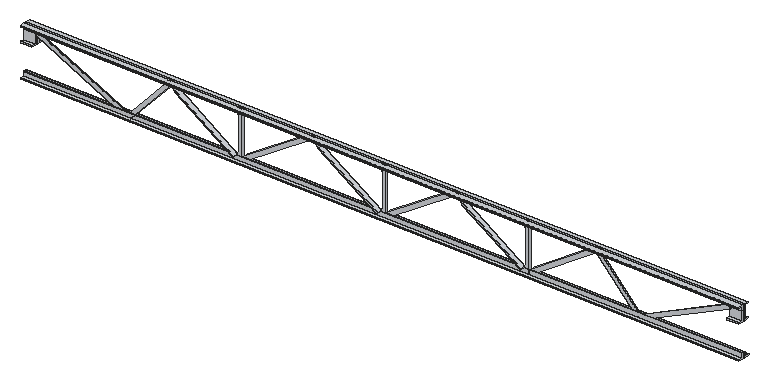
Revit family "eda7b2bdf7f54d56be5dfaab864fa606", category Structural Framing, Revit 2021
Family settings
  Structural Framing Length Roundoff = 0' - 0 1/16"
  Section Shape = Not Defined
  Material for Model Behavior = Steel
  Always export as geometry = Yes
  OmniClass Number = 23.25.30.21.14.11
  OmniClass Title = Metal Joists
  Seek Item ID = G Joist Girder-0000-USA-ENU
  Always vertical = Yes
  Cut with Voids When Loaded = No
  Symbolic Representation = From Family
  Shared = No
  Show family pre-cut in plan views = Yes
Parameters (values of type "16G")
  Web Thickness = 0' - 1"
  Vertical Member Visibility = yes
  Structural Material = none
  Start Offset [instance] = 0' - 0"
  Top Chord Start Extension [instance] = 0' - 0"
  SpaceNum [instance] = 5
  Seat Length = 0' - 6"
  Seat Depth [instance] = 0' - 7 1/2"
  PanelWidth [instance] = Length / SpaceNum  # 6' - 0"
  PanelArrayNum [instance] = SpaceNum - 2  # 3
  Panel Point Load [instance] = 4.00 kip
  Offset Length 2 [instance] = End Panel - End Offset + Bottom Chord End Extension  # 6' - 0"
  Offset Length 1 [instance] = End Panel - Start Offset + Bottom Chord Start Extension  # 6' - 0"
  Offset Length [instance] = 0.3 * (End Panel - Start Offset - Seat Length)  # 1' - 7.8"
  Girder Type = "G"
  End Panel [instance] = PanelWidth  # 6' - 0"
  End Offset [instance] = 0' - 0"
  Top Chord End Extension [instance] = 0' - 0"
  Depth = 2' - 0"
  Cord Leg = 0' - 2 1/2"
  Chord Thickness = 0' - 0 1/2"
  Bottom Chord Start Extension [instance] = 0' - 0"
  Bottom Chord End Extension [instance] = 0' - 0"
  Assembly Code = "B1010350"
  Length [instance] = 30' - 0"
Reference planes (in)
  plane 1 "Center (Front/Back)": y = 0
  plane 2: z = 0
  plane 3 "Center (Left/Right)": x = 18.04904
  plane 4 "Member Left": x = -139.8185
  plane 5 "Member Right": x = 140.1815
  plane 6: y = 3
  plane 7: y = -3
  plane 8: z = 12
  plane 9: z = -12
  plane 10 "Left": x = -161.95096
  plane 11 "Stick Symbol Left": x = -257.24023
  plane 12 "Stick Symbol Right": x = 291.90529
  plane 13 "Right": x = 198.04904
  plane 14: z = 4.5
  plane 15: x = -155.95096
  plane 16: x = -89.95096
  plane 17: x = 192.04904
  plane 18: x = 126.04904
  plane 19: y = 0.5
  plane 20: y = -0.5
  plane 21: z = 9.5
  plane 22: z = -9.5
  plane 23: z = -11.75
  plane 24: z = 11.75
  plane 25: x = -161.95096
  plane 26: x = 198.04904
  plane 27: x = -161.95096
  plane 28: x = 198.04904
  plane 29: x = -109.75096
  plane 30: x = 54.04904
  plane 31: x = 145.84904
  plane 32: x = -161.95096
  plane 33: x = 198.04904
  plane 34: x = 291.90529
  plane 35 "Symbol Right": x = 291.90529
  plane 36 "Symbol Left": x = -257.24023
  plane 37: x = -257.24023
Forms (in)
  Extrusion 1, solid, material <- "Structural Material", detail levels medium+fine
    sketch origin (18.04904, 0, 0) x (0, 1, 0) y (0, 0, 1)
      loop
        line (3, 12) -> (0.5, 12) -> (0.5, 9.5) -> (1, 9.5) -> (1, 11.5) -> (3, 11.5) -> (3, 12)
      loop
        line (-3, 12) -> (-3, 11.5) -> (-1, 11.5) -> (-1, 9.5) -> (-0.5, 9.5) -> (-0.5, 12) -> (-3, 12)
    from -180 to 180
  Extrusion 2, solid, material <- "Structural Material", detail levels medium+fine
    sketch origin (18.04904, 0, 0) x (0, 1, 0) y (0, 0, 1)
      loop
        line (0.5, -9.5) -> (0.5, -12) -> (3, -12) -> (3, -11.5) -> (1, -11.5) -> (1, -9.5) -> (0.5, -9.5)
      loop
        line (-0.5, -9.5) -> (-1, -9.5) -> (-1, -11.5) -> (-3, -11.5) -> (-3, -12) -> (-0.5, -12) -> (-0.5, -9.5)
    from -180 to 180
  Extrusion 3, solid, material <- "Structural Material", detail levels medium+fine
    sketch origin (18.04904, 0, 0) x (0, 1, 0) y (0, 0, 1)
      loop
        line (3, 4.5) -> (3, 5) -> (1, 5) -> (1, 9.5) -> (0.5, 9.5) -> (0.5, 4.5) -> (3, 4.5)
      loop
        line (-3, 4.5) -> (-0.5, 4.5) -> (-0.5, 9.5) -> (-1, 9.5) -> (-1, 5) -> (-3, 5) -> (-3, 4.5)
    from 174 to 180
  Extrusion 4, solid, material <- "Structural Material", detail levels medium+fine
    sketch origin (18.04904, 0, 0) x (0, 1, 0) y (0, 0, 1)
      loop
        line (-3, 4.5) -> (-0.5, 4.5) -> (-0.5, 9.5) -> (-1, 9.5) -> (-1, 5) -> (-3, 5) -> (-3, 4.5)
      loop
        line (0.5, 4.5) -> (3, 4.5) -> (3, 5) -> (1, 5) -> (1, 9.5) -> (0.5, 9.5) -> (0.5, 4.5)
    from -180 to -174
  Sweep 5, solid, material <- "Structural Material", detail levels fine
    path in 3D
      loop
        line (145.84904, 0, -11.75) -> (192.04904, 0, 9.5)
    profile "Web-Profile : Web-Profile" origin (168.94904, 0, -1.125) x (-0.417873, 0, 0.908505) y (0, -1, 0)
      loop
        line (-1, 0.75) -> (-1, 0.25) -> (1, 0.25) -> (1, 0.75) -> (-1, 0.75)
  Sweep 6, solid, material <- "Structural Material", detail levels fine
    path in 3D
      loop
        line (126.04904, 0, 9.5) -> (145.84904, 0, -11.75)
    profile "Web-Profile : Web-Profile" origin (135.94904, 0, -1.125) x (0.731627, 0, 0.681705) y (0, -1, 0)
      loop
        line (-1, 0.25) -> (-1, -0.25) -> (1, -0.25) -> (1, 0.25) -> (-1, 0.25)
  Sweep 7, solid, material <- "Structural Material", detail levels fine
    path in 3D
      loop
        line (-155.95096, 0, 9.5) -> (-109.75096, 0, -11.75)
    profile "Web-Profile : Web-Profile" origin (-132.85096, 0, -1.125) x (0.417873, 0, 0.908505) y (0, -1, 0)
      loop
        line (-1, 0.25) -> (-1, -0.25) -> (1, -0.25) -> (1, 0.25) -> (-1, 0.25)
  Sweep 8, solid, material <- "Structural Material", detail levels fine
    path in 3D
      loop
        line (-109.75096, 0, -11.75) -> (-89.95096, 0, 9.5)
    profile "Web-Profile : Web-Profile" origin (-99.85096, 0, -1.125) x (-0.731627, 0, 0.681705) y (0, -1, 0)
      loop
        line (-1, 0.25) -> (-1, -0.25) -> (1, -0.25) -> (1, 0.25) -> (-1, 0.25)
Lines and regions (in)
  symbolic lines, style "StructuralFraming", detail levels coarse
    curve 1: line (0, 3, 12) -> (0, 0.5, 12)
    curve 2: line (0, -3, -12) -> (0, -0.5, -12)
    curve 14: line (0, 0.5, -12) -> (0, 3, -12)
    curve 15: line (18.04904, 0.5, -12) -> (18.04904, 0.5, -9.5)
    curve 16: line (18.04904, -0.5, -12) -> (18.04904, -0.5, -9.5)
    curve 17: line (18.04904, -0.5, 12) -> (18.04904, -0.5, 9.5)
    curve 18: line (18.04904, 0.5, 12) -> (18.04904, 0.5, 9.5)
    curve 19: line (0, -0.5, 12) -> (0, -3, 12)
  symbolic lines, style "StructuralFraming", detail levels coarse+medium
    curve 3: line (0, 0, -12) -> (0, 0, 12)
  reference lines
    curve 4: line (-251.24023, 0, -16.86251) -> (-251.24023, 0, 15.13749)
    curve 5: line (-179.24023, 0, -17.11251) -> (-179.24023, 0, 15.13749)
    curve 6: line (285.90529, 0, -14.77905) -> (285.90529, 0, 15.22095)
    curve 7: line (213.90529, 0, -19.77905) -> (213.90529, 0, 15.22095)
  model lines, style "Joist Girder", detail levels coarse
    curve 8: line (213.90529, 0, -12) -> (-179.24023, 0, -12)
    curve 9: line (291.90529, 0, 12) -> (-257.24023, 0, 12)
  model lines, style "StructuralFraming", detail levels medium
    curve 10: line (-109.75096, 0, -11.75) -> (-89.95096, 0, 9.5)
    curve 11: line (-155.95096, 0, 9.5) -> (-109.75096, 0, -11.75)
    curve 12: line (126.04904, 0, 9.5) -> (145.84904, 0, -11.75)
    curve 13: line (145.84904, 0, -11.75) -> (192.04904, 0, 9.5)
  model lines, style "Web Joist", detail levels coarse
    curve 20: line (-179.24023, 0, -12) -> (-251.24023, 0, 12)
    curve 21: line (213.90529, 0, -12) -> (285.90529, 0, 12)
  sketch lines
    curve 22: line (145.84904, 0, -11.75) -> (192.04904, 0, 9.5)
    curve 23: line (126.04904, 0, 9.5) -> (145.84904, 0, -11.75)
    curve 24: line (-155.95096, 0, 9.5) -> (-109.75096, 0, -11.75)
    curve 25: line (-109.75096, 0, -11.75) -> (-89.95096, 0, 9.5)
  symbolic lines, detail levels fine
    curve 26: line (18.04904, 0.5, 11.75) -> (18.04904, -0.5, 11.75)
    curve 27: line (18.04904, 0.5, -11.75) -> (18.04904, -0.5, -11.75)
    curve 28: line (18.04904, 0.5, -9.5) -> (18.04904, 0.5, 9.5)
    curve 29: line (18.04904, -0.5, -9.5) -> (18.04904, -0.5, 9.5)
Dimensions and locks (in)
  equal spacing: plane 9, plane 2, plane 8
  "Length": plane 10 "Left" to plane 13 "Right"
  equal spacing: plane 10 "Left", plane 3 "Center (Left/Right)", plane 13 "Right"
  "End Panel": curve 5 to curve 4
  "End Panel": curve 6 to curve 7
  "Depth": plane 9 to plane 8
  "Seat Depth": plane 8 to plane 14
  "End Panel": plane 10 "Left" to plane 16
  "End Panel": plane 13 "Right" to plane 18
  "Web Thickness": plane 19 to plane 20
  equal spacing: plane 19, plane 1 "Center (Front/Back)", plane 20
  "Cord Leg": plane 20 to plane 7
  "Cord Leg": plane 6 to plane 19
  "Cord Leg": plane 9 to plane 22
  "Cord Leg": plane 21 to plane 8
  "Chord Thickness": plane 8 to Extrusion 1 sketch curve
  "Chord Thickness": Extrusion 1 sketch curve to plane 8
  "Chord Thickness": plane 20 to Extrusion 1 sketch curve
  "Chord Thickness": Extrusion 1 sketch curve to plane 19
  "Chord Thickness": plane 9 to Extrusion 2 sketch curve  (x2)
  "Chord Thickness": Extrusion 2 sketch curve to plane 19
  "Chord Thickness": plane 20 to Extrusion 2 sketch curve
  "Chord Thickness": plane 14 to Extrusion 3 sketch curve  (x2)
  "Chord Thickness": plane 20 to Extrusion 3 sketch curve
  "Chord Thickness": Extrusion 3 sketch curve to plane 19
  "Chord Thickness": plane 14 to Extrusion 4 sketch curve  (x2)
  "Chord Thickness": Extrusion 4 sketch curve to plane 19
  "Chord Thickness": plane 20 to Extrusion 4 sketch curve
  locked: plane 23 to plane 9 at 0.25
  locked: plane 8 to plane 24 at 0.25
  "Start Offset": plane 10 "Left" to plane 27
  "Seat Length": plane 27 to plane 15
  "Top Chord Start Extension": plane 25 to plane 27
  "End Offset": plane 28 to plane 13 "Right"
  "Seat Length": plane 17 to plane 28
  "Top Chord End Extension": plane 28 to plane 26
  "Offset Length": plane 16 to plane 29
  "PanelWidth": plane 18 to plane 30
  equal spacing: group 1, group 3, group 2  (x3)
  "Offset Length": plane 31 to plane 18
  "Offset Length 1": plane 16 to plane 32
  "Offset Length 2": plane 33 to plane 18
  "Seat Length": plane 34 to curve 6
  "Top Chord End Extension": plane 35 "Symbol Right" to plane 34
  "End Offset": plane 12 "Stick Symbol Right" to plane 34
  "Start Offset": plane 37 to plane 11 "Stick Symbol Left"
  "Seat Length": curve 4 to plane 37
  "Top Chord Start Extension": plane 37 to plane 36 "Symbol Left"
  aligned and locked: curve 8 to plane 9
  aligned and locked: curve 9 to plane 8
  aligned and locked: curve 5 to curve 8
  aligned and locked: curve 7 to curve 8
  aligned and locked: plane 8 to Extrusion 1 sketch curve
  aligned and locked: Extrusion 1 sketch curve to plane 8
  aligned and locked: plane 6 to Extrusion 1 sketch curve
  aligned and locked: plane 7 to Extrusion 1 sketch curve
  aligned and locked: Extrusion 1 sketch curve to plane 21
  aligned and locked: plane 21 to Extrusion 1 sketch curve
  aligned and locked: plane 9 to Extrusion 2 sketch curve
  aligned and locked: Extrusion 2 sketch curve to plane 9
  aligned and locked: plane 6 to Extrusion 2 sketch curve
  aligned and locked: plane 7 to Extrusion 2 sketch curve
  aligned and locked: plane 19 to Extrusion 2 sketch curve
  aligned and locked: plane 20 to Extrusion 2 sketch curve
  aligned and locked: Extrusion 2 sketch curve to plane 22
  aligned and locked: plane 22 to Extrusion 2 sketch curve
  aligned and locked: Extrusion 3 sketch curve to plane 7
  aligned and locked: plane 14 to Extrusion 3 sketch curve
  aligned and locked: Extrusion 3 sketch curve to plane 14
  aligned and locked: Extrusion 3 sketch curve to plane 6
  aligned and locked: Extrusion 3 sketch curve to plane 20
  aligned and locked: Extrusion 3 sketch curve to plane 19
  aligned and locked: Extrusion 3 sketch curve to plane 21
  aligned and locked: plane 21 to Extrusion 3 sketch curve
  aligned and locked: Extrusion 3 to plane 17
  aligned and locked: plane 6 to Extrusion 4 sketch curve
  aligned and locked: Extrusion 4 sketch curve to plane 7
  aligned and locked: Extrusion 4 sketch curve to plane 19
  aligned and locked: plane 20 to Extrusion 4 sketch curve
  aligned and locked: plane 21 to Extrusion 4 sketch curve  (x2)
  aligned and locked: Extrusion 4 sketch curve to plane 14  (x2)
  aligned and locked: plane 15 to Extrusion 4
  aligned and locked: Extrusion 2 to curve 15
  aligned and locked: curve 15 to Extrusion 2
  aligned and locked: curve 2 to curve 16
  aligned and locked: curve 16 to Extrusion 2
  aligned and locked: Extrusion 1 to curve 17
  aligned and locked: curve 17 to Extrusion 1
  aligned and locked: curve 18 to Extrusion 1  (x2)
  aligned and locked: curve 1 to Extrusion 1
  aligned and locked: curve 13 to Extrusion 3
  aligned and locked: curve 4 to curve 20
  aligned and locked: curve 6 to curve 21
  aligned and locked: plane 25 to Extrusion 1
  aligned and locked: Extrusion 3 to plane 26
  aligned and locked: Extrusion 1 to plane 26
  aligned and locked: plane 25 to Extrusion 4
  aligned and locked: plane 1 "Center (Front/Back)" to nested 1
  aligned and locked: nested 1 to plane 16
  aligned and locked: plane 9 to nested 1
  aligned and locked: plane 30 to nested 2
  aligned and locked: plane 9 to nested 2
  aligned and locked: plane 15 to curve 11
  aligned and locked: Extrusion 1 to curve 11
  aligned and locked: plane 29 to curve 11
  aligned and locked: plane 23 to curve 10
  aligned and locked: plane 16 to curve 10
  aligned and locked: Extrusion 1 to curve 10
  aligned and locked: Extrusion 1 to curve 12
  aligned and locked: plane 18 to curve 12
  aligned and locked: plane 23 to curve 13
  aligned and locked: plane 31 to curve 13
  aligned and locked: plane 17 to curve 13
  aligned and locked: Extrusion 2 to plane 32
  aligned and locked: plane 33 to Extrusion 2
  aligned and locked: plane 36 "Symbol Left" to curve 9
  aligned and locked: plane 35 "Symbol Right" to curve 9
Automatic sketch dimensions
  Extrusion 1 sketch curve to plane 20 = 0' - 0"
  Extrusion 1 sketch curve to plane 19 = 0' - 0"
  curve 14 to plane 6 = 0' - 0"
  curve 1 to plane 6 = 0' - 0"
  curve 14 to plane 9 = 0' - 0"
  curve 14 to plane 19 = 0' - 0"
  curve 1 to plane 19 = 0' - 0"
  curve 19 to plane 8 = 0' - 0"
  curve 19 to plane 20 = 0' - 0"
  curve 19 to plane 7 = 0' - 0"
  plane 9 to curve 7 = 0' - 7.77905"
  plane 9 to curve 5 = 0' - 5.11251"
  plane 9 to curve 4 = 0' - 4.86251"
  plane 9 to curve 6 = 0' - 2.77905"
  curve 5 to plane 8 = 0' - 3.13749"
  curve 4 to plane 8 = 0' - 3.13749"
  curve 7 to plane 8 = 0' - 3.22095"
  curve 6 to plane 8 = 0' - 3.22095"
  curve 2 to plane 7 = 0' - 0"
  curve 2 to plane 9 = 0' - 0"
  curve 2 to plane 20 = 0' - 0"
  curve 3 to plane 1 "Center (Front/Back)" = 0' - 0"
  curve 3 to plane 9 = 0' - 0"
  curve 27 to plane 23 = 0' - 0"
  curve 29 to plane 22 = 0' - 0"
  curve 28 to plane 22 = 0' - 0"
  curve 18 to plane 21 = 0' - 0"
  curve 17 to plane 21 = 0' - 0"
  curve 26 to plane 24 = 0' - 0"
  curve 3 to plane 8 = 0' - 0"
Nested families (in)
  nested 1: "G Angled Web" at (-89.95096, 0, 0), type "G Angled Web"
  nested 2: "G Angled Web" at (54.04904, 0, 0), type "G Angled Web"
  nested 3: "G Angled Web" at (-17.95096, 0, 0), type "G Angled Web"
Definition of nested family "G Angled Web"
  Parameters
    WebMaterial = none
    Web Thickness = Thickness / 2  # 0' - 0 1/2"
    Web Offset = Web Leg / 2  # 0' - 1"
    Web Leg = 0' - 2"
    Vertical Member Visibility = yes
    Thickness = 0' - 1"
    PanelHeight = 2' - 0"
    PanelWidth = 6' - 0"
    Assembly Code = ""
  Reference planes (in)
    plane 1 "Center (Front/Back)": y = 0
    plane 2: z = 0
    plane 3 "Center (Left/Right)": x = 0
    plane 4: x = 72
    plane 5: x = 36
    plane 6: z = -12
    plane 7: z = 11
    plane 8: z = 12
    plane 9: y = -0.5
    plane 10: y = 0.5
    plane 11: z = 9.5
    plane 12: z = -9.5
    plane 13: z = -11
  Forms (in)
    Sweep 1, solid, material <- "WebMaterial", detail levels fine
      path in 3D
        loop
          line (0, 0, 11) -> (1, 0, 11) -> (35, 0, -11) -> (37, 0, -11)
      profile origin (0.5, 0, 11) x (0, 0, 1) y (0, -1, 0)
        loop
          line (1, 0) -> (1, 0.5) -> (-1, 0.5) -> (-1, 0) -> (1, 0)
    Sweep 2, solid, material <- "WebMaterial", detail levels fine
      path in 3D
        loop
          line (72, 0, 11) -> (71, 0, 11) -> (37, 0, -11) -> (35, 0, -11)
      profile origin (71.5, 0, 11) x (0, 0, -1) y (0, -1, 0)
        loop
          line (-1, -0.5) -> (1, -0.5) -> (1, 0) -> (-1, 0) -> (-1, -0.5)
    Sweep 3, solid, material <- "WebMaterial", detail levels fine
      path origin (0, -0.5, 10) x (1, 0, 0) y (0, 0, 1)
        loop
          line (34.52259, -19.5) -> (5.15895, -0.5)
      profile origin (19.84077, -0.5, 0) x (-0.543251, 0, -0.83957) y (0, -1, 0)
        loop
          line (0, 0) -> (0.5, 0) -> (0.5, 2) -> (0, 2) -> (0, 0)
    Sweep 4, solid, material <- "WebMaterial", detail levels fine
      path origin (72, 0.5, 10) x (-1, 0, 0) y (0, 0, 1)
        loop
          line (34.52259, -19.5) -> (5.15895, -0.5)
      profile origin (52.15923, 0.5, 0) x (0.543251, 0, -0.83957) y (0, 1, 0)
        loop
          line (0, 0) -> (0.5, 0) -> (0.5, 2) -> (0, 2) -> (0, 0)
    Sweep 5, solid, material <- "WebMaterial", visible <- "Vertical Member Visibility", detail levels fine
      path origin (0, 0, 0) x (1, 0, 0) y (0, 1, 0)
        loop
          line (36, 0.5) -> (36, -0.5)
      profile origin (36, 0, 0) x (1, 0, 0) y (0, 0, 1)
        loop
          line (-1, 12) -> (-1, 8.75) -> (-0.5625, 8.3125) -> (-0.5625, -8.3125) -> (-1, -8.75) -> (-1, -12) -> (1, -12) -> (1, 12) -> (-1, 12)
  Cuts and joins
    joined: Sweep 1, Sweep 3
    joined: Sweep 2, Sweep 4
  Lines and regions (in)
    model lines, detail levels medium+fine
      curve 1: line (0, 0, -12) -> (0, 0, 12)
      curve 2: line (0, 0, 12) -> (72, 0, 12)
      curve 3: line (72, 0, 12) -> (72, 0, -12)
      curve 4: line (72, 0, -12) -> (0, 0, -12)
    model lines, detail levels medium
      curve 5: line (35, 0, -11) -> (37, 0, -11)
      curve 6: line (0, 0, 11) -> (1, 0, 11)
      curve 7: line (72, 0, 11) -> (71, 0, 11)
      curve 8: line (1, 0, 11) -> (35, 0, -11)
      curve 9: line (37, 0, -11) -> (71, 0, 11)
    sketch lines
      curve 10: line (0, 0, 11) -> (1, 0, 11)
      curve 11: line (1, 0, 11) -> (35, 0, -11)
      curve 12: line (35, 0, -11) -> (37, 0, -11)
      curve 13: line (72, 0, 11) -> (71, 0, 11)
      curve 14: line (37, 0, -11) -> (71, 0, 11)
      curve 15: line (35, 0, -11) -> (37, 0, -11)
    model lines, visible <- "Vertical Member Visibility", detail levels medium
      curve 16: line (36, 0, -11) -> (36, 0, 12)
  Dimensions and locks (in)
    "PanelWidth": plane 4 to plane 3 "Center (Left/Right)"
    equal spacing: plane 4, plane 5, plane 3 "Center (Left/Right)"
    "Web Offset": plane 8 to plane 7
    "PanelHeight": plane 8 to plane 6
    equal spacing: plane 8, plane 2, plane 6
    "Thickness": plane 10 to plane 9
    equal spacing: plane 10, plane 1 "Center (Front/Back)", plane 9
    locked: plane 8 to plane 11 at 2.5
    plane 12 to plane 6 = 0' - 2 1/2"
    "Thickness": plane 13 to plane 6
    "Web Offset": curve 6 to curve 6
    "Web Offset": curve 5 to plane 5
    "Web Offset": plane 5 to curve 5
    "Web Leg": Sweep 2 sketch curve to Sweep 2 sketch curve
    "Web Thickness": Sweep 3 sketch curve to Sweep 3 sketch curve
    "Web Leg": Sweep 3 sketch curve to Sweep 3 sketch curve
    "Web Thickness": Sweep 2 to Sweep 4 sketch curve
    "Web Leg": Sweep 4 sketch curve to Sweep 4 sketch curve
    "Web Leg": plane 8 to Sweep 1 sketch curve
    equal spacing: Sweep 1 sketch curve, plane 7, Sweep 1 sketch curve
    equal spacing: Sweep 2 sketch curve, profile plane, Sweep 2 sketch curve
    "Web Offset": curve 7 to curve 3
    equal spacing: Sweep 5 sketch curve, plane 5, Sweep 5 sketch curve
    "Web Leg": Sweep 5 sketch curve to Sweep 5 sketch curve
    locked: Sweep 5 sketch curve to Sweep 5 sketch curve at 3.25  (x2)
    locked: Sweep 5 sketch curve to Sweep 5 sketch curve at 0.4375
    equal spacing: Sweep 5 sketch curve, plane 2, Sweep 5 sketch curve
    locked: Sweep 5 sketch curve to Sweep 5 sketch curve (angle 45.00°)  (x2)
    aligned and locked: plane 8 to curve 2
    aligned and locked: plane 7 to curve 6
    aligned and locked: plane 3 "Center (Left/Right)" to curve 6
    aligned and locked: curve 5 to plane 13
    aligned and locked: Sweep 1 sketch curve to plane 9
    aligned and locked: plane 1 "Center (Front/Back)" to Sweep 1 sketch curve
    aligned and locked: Sweep 2 sketch curve to profile plane
    aligned and locked: plane 10 to Sweep 2 sketch curve
    aligned and locked: plane 9 to Sweep 3 sketch curve
    aligned and locked: Sweep 1 to Sweep 3 sketch curve
    aligned and locked: plane 11 to Sweep 3 sketch curve
    aligned and locked: plane 12 to Sweep 3 sketch curve
    aligned and locked: Sweep 2 to Sweep 4 sketch curve  (x2)
    aligned and locked: plane 11 to Sweep 4 sketch curve
    aligned and locked: plane 12 to Sweep 4 sketch curve
    aligned and locked: curve 7 to plane 7
    aligned and locked: curve 4 to plane 6
    aligned and locked: plane 4 to curve 3
    aligned and locked: plane 5 to Sweep 5 sketch curve
    aligned and locked: plane 10 to Sweep 5 sketch curve
    aligned and locked: plane 9 to Sweep 5 sketch curve
    aligned and locked: plane 8 to Sweep 5 sketch curve
    aligned and locked: Sweep 5 sketch curve to plane 6
    aligned and locked: curve 16 to plane 5
    aligned and locked: curve 16 to plane 8
    aligned and locked: plane 13 to curve 16
  Automatic sketch dimensions
    Sweep 3 sketch curve to profile plane = 0' - 0"
    Sweep 4 sketch curve to profile plane = 0' - 0"
